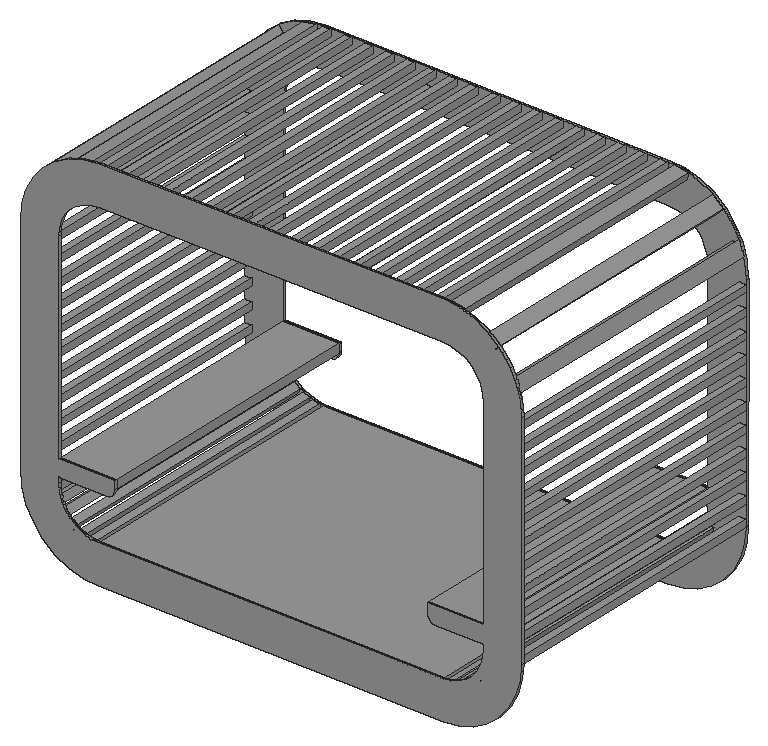
Revit family "Беседка «Атмосфера» Арт 14663", category Антураж, Revit 2018
Family settings
  На основе рабочей плоскости = Нет
  Всегда вертикально = Да
  При загрузке вырезать с полостями = Нет
  Источник визуального образа = Геометрия семейства
  Общий = Нет
  Точка расчета площади = Нет
Parameters (values of type "Беседка «Атмосфера». Версия без поликарбоната")
  Ширина = if(Без поликарбоната, 2020 mm, 2400 mm)  # 2020 mm
  Цвет поликарбоната = Поликарбонат
  Цвет отделки = Дерево
  Цвет каркаса = Сталь
  С поликарбонатом = not(Без поликарбоната)  # no
  Описание = if(Без поликарбоната, "Беседка «Атмосфера». Версия без поликарбоната", "Беседка «Атмосфера». Версия с монолитным поликарбонатом")  # "Беседка «Атмосфера». Версия без поликарбоната"
  Материал изделия = "Сталь, дерево, поликарбонат"  # constant formula
  Изображение типоразмера = Беседка «Атмосфера» Арт 14663 без поликарбоната.jpg
  Изготовитель = "ООО «Хоббика»"  # constant formula
  Длина = 3580 mm  # constant formula
  Группа модели = "Навесы и беседки"  # constant formula
  Высота = if(Без поликарбоната, 2700 mm, 2400 mm)  # 2700 mm
  Без поликарбоната = yes
  Артикул товара = "Арт. 14663"  # constant formula
  URL = "https://hobbyka.ru/product/besedka_atmosfera/"
Types (3, lengths in mm): name | Ширина | С поликарбонатом | Описание | Изображение типоразмера | Высота | Без поликарбоната
  (no name) | 2020 | no | "Беседка «Атмосфера». Версия без поликарбоната" | Беседка «Атмосфера» Арт 14663 без поликарбоната.jpg | 2700 | yes
  Беседка «Атмосфера». Версия без поликарбоната | 2020 | no | "Беседка «Атмосфера». Версия без поликарбоната" | Беседка «Атмосфера» Арт 14663 без поликарбоната.jpg | 2700 | yes
  Беседка «Атмосфера». Версия с монолитным поликарбонатом | 2400 | yes | "Беседка «Атмосфера». Версия с монолитным поликарбонатом" | Беседка «Атмосфера» Арт 14663 с монолитным поликарбонатом.jpg | 2400 | no
Reference planes
  plane 1 "По центру (Вперед/Назад)": y = 0
  plane 2: z = 0
  plane 3 "По центру (Влево/Вправо)": x = 0
  plane 4: y = 2020
  plane 5: x = 3580
  plane 6: z = 2700
Dimensions and locks
  "Длина": plane 3 "По центру (Влево/Вправо)" to plane 5
  "Ширина": plane 1 "По центру (Вперед/Назад)" to plane 4
  "Высота": plane 6 to level
  aligned and locked: level to plane 2
Nested families
  nested 1: "Беседка «Атмосфера» Арт 14663 с монолитным поликарбонатом" at (0, 0, 0), visible <- "С поликарбонатом", type "Беседка «Атмосфера» Арт 14663 с монолитным поликарбонатом"
  nested 2: "Беседка «Атмосфера» Арт 14663 без поликарбаната" at (0, 0, 0), visible <- "Без поликарбоната", type "Беседка «Атмосфера» Арт 14663 без поликарбаната"
Definition of nested family "Беседка «Атмосфера» Арт 14663 с монолитным поликарбонатом"
  Parameters (values of type "Беседка «Атмосфера» Арт 14663 с монолитным поликарбонатом")
    Ширина = 2400 mm  # constant formula
    Цвет поликарбоната = none
    Цвет отделки = none
    Цвет каркаса = none
    Длина = 3580 mm  # constant formula
    Height = 2400 mm  # constant formula
  Reference planes
    plane 1 "По центру (Вперед/Назад)": y = 0
    plane 2: z = 0
    plane 3 "По центру (Влево/Вправо)": x = 0
    plane 4: y = 2400
    plane 5: x = 3580
    plane 6: z = 2400
    plane 7: y = 2385
    plane 8: y = 15
  Forms (mm)
    Extrusion 1, solid, material <- "Цвет каркаса"
      sketch origin (0, 0, 0) x (1, 0, 0) y (0, 0, 1)
        loop
          line (3020, 2400) -> (560, 2400)
          arc (560, 2400) -> (164.02, 2235.98) -> (0, 1840) r 560
          line (0, 1840) -> (0, 560)
          arc (0, 560) -> (164.02, 164.02) -> (560, 0) r 560
          line (560, 0) -> (3020, 0)
          arc (3020, 0) -> (3415.98, 164.02) -> (3580, 560) r 560
          line (3580, 560) -> (3580, 1840)
          arc (3580, 1840) -> (3415.98, 2235.98) -> (3020, 2400) r 560
        loop
          line (3020, 2125) -> (560, 2125)
          arc (560, 2125) -> (358.475, 2041.525) -> (275, 1840) r 285
          line (275, 1840) -> (275, 715) -> (675, 715) -> (675, 655)
          arc (675, 655) -> (658.431, 615) -> (618.431, 598.431) r 56.569
          line (618.431, 598.431) -> (275, 598.431) -> (275, 560)
          arc (275, 560) -> (358.475, 358.475) -> (560, 275) r 285
          line (560, 275) -> (3020, 275)
          arc (3020, 275) -> (3221.525, 358.475) -> (3305, 560) r 285
          line (3305, 560) -> (3305, 598.431) -> (2961.569, 598.431)
          arc (2961.569, 598.431) -> (2921.569, 615) -> (2905, 655) r 56.569
          line (2905, 655) -> (2905, 715) -> (3305, 715) -> (3305, 1840)
          arc (3305, 1840) -> (3221.525, 2041.525) -> (3020, 2125) r 285
      from 0 to -15
    Extrusion 2, solid, material <- "Цвет каркаса"
      sketch origin (0, 0, 0) x (1, 0, 0) y (0, 0, 1)
        loop
          line (3020, 2400) -> (560, 2400)
          arc (560, 2400) -> (164.02, 2235.98) -> (0, 1840) r 560
          line (0, 1840) -> (0, 560)
          arc (0, 560) -> (164.02, 164.02) -> (560, 0) r 560
          line (560, 0) -> (3020, 0)
          arc (3020, 0) -> (3415.98, 164.02) -> (3580, 560) r 560
          line (3580, 560) -> (3580, 1840)
          arc (3580, 1840) -> (3415.98, 2235.98) -> (3020, 2400) r 560
        loop
          line (3020, 2125) -> (560, 2125)
          arc (560, 2125) -> (358.475, 2041.525) -> (275, 1840) r 285
          line (275, 1840) -> (275, 715) -> (675, 715) -> (675, 655)
          arc (675, 655) -> (658.431, 615) -> (618.431, 598.431) r 56.569
          line (618.431, 598.431) -> (275, 598.431) -> (275, 560)
          arc (275, 560) -> (358.475, 358.475) -> (560, 275) r 285
          line (560, 275) -> (3020, 275)
          arc (3020, 275) -> (3221.525, 358.475) -> (3305, 560) r 285
          line (3305, 560) -> (3305, 598.431) -> (2961.569, 598.431)
          arc (2961.569, 598.431) -> (2921.569, 615) -> (2905, 655) r 56.569
          line (2905, 655) -> (2905, 715) -> (3305, 715) -> (3305, 1840)
          arc (3305, 1840) -> (3221.525, 2041.525) -> (3020, 2125) r 285
      from -2385 to -2400
    Extrusion 3, solid, material <- "Цвет каркаса"
      sketch origin (0, 0, 0) x (1, 0, 0) y (0, 0, 1)
        loop
          line (50, 1010) -> (50, 1060) -> (0, 1060) -> (0, 1010) -> (50, 1010)
        loop
          line (50, 1610) -> (50, 1660) -> (0, 1660) -> (0, 1610) -> (50, 1610)
        loop
          line (3530, 1660) -> (3530, 1610) -> (3580, 1610) -> (3580, 1660) -> (3530, 1660)
        loop
          line (3530, 1060) -> (3530, 1010) -> (3580, 1010) -> (3580, 1060) -> (3530, 1060)
        loop
          line (1285, 2287.5) -> (1285, 2237.5) -> (1335, 2237.5) -> (1335, 2287.5) -> (1285, 2287.5)
        loop
          line (2295, 2287.5) -> (2245, 2287.5) -> (2245, 2237.5) -> (2295, 2237.5) -> (2295, 2287.5)
      from -15 to -2385
    Extrusion 4, solid, material <- "Цвет отделки"
      sketch origin (-0.013, 0, 0.012) x (1, 0, 0) y (0, 0, 1)
        loop
          line (560.026, 274.988) -> (560.026, 225.058) -> (3020, 225.058) -> (3020, 274.988) -> (560.026, 274.988)
        loop
          line (275, 715) -> (275, 655) -> (675, 655) -> (675, 715) -> (275, 715)
        loop
          line (3305, 715) -> (2905, 715) -> (2905, 655) -> (3305, 655) -> (3305, 715)
        loop
          arc (535.798, 276.02) -> (510.779, 279.275) -> (486.146, 284.729) r 285.019
          line (486.146, 284.729) -> (473.207, 236.499)
          arc (473.207, 236.499) -> (502.156, 230.093) -> (531.558, 226.269) r 335.121
          line (531.558, 226.269) -> (535.798, 276.02)
        loop
          arc (463.039, 291.997) -> (439.719, 301.624) -> (417.341, 313.275) r 285.019
          line (417.341, 313.275) -> (392.337, 270.03)
          arc (392.337, 270.03) -> (418.639, 256.344) -> (446.048, 245.036) r 335.121
          line (446.048, 245.036) -> (463.039, 291.997)
        loop
          arc (396.906, 326.281) -> (376.877, 341.621) -> (358.283, 358.672) r 285.019
          line (358.283, 358.672) -> (322.908, 323.365)
          arc (322.908, 323.365) -> (344.769, 303.332) -> (368.315, 285.31) r 335.121
          line (368.315, 285.31) -> (396.906, 326.281)
        loop
          arc (341.916, 376.53) -> (326.546, 396.535) -> (313.006, 417.822) r 285.019
          line (313.006, 417.822) -> (269.658, 392.869)
          arc (269.658, 392.869) -> (285.586, 367.855) -> (303.662, 344.347) r 335.121
          line (303.662, 344.347) -> (341.916, 376.53)
        loop
          arc (301.825, 439.309) -> (292.163, 462.614) -> (284.601, 486.682) r 285.019
          line (284.601, 486.682) -> (236.228, 473.804)
          arc (236.228, 473.804) -> (245.132, 445.514) -> (256.503, 418.123) r 335.121
          line (256.503, 418.123) -> (301.825, 439.309)
        loop
          arc (279.369, 510.333) -> (276.076, 535.345) -> (275.008, 560.551) r 285.019
          line (275.008, 560.551) -> (224.905, 560.179)
          arc (224.905, 560.179) -> (226.197, 530.779) -> (230.064, 501.607) r 335.121
          line (230.064, 501.607) -> (279.369, 510.333)
        loop
          line (3044.228, 276.02) -> (3048.468, 226.269)
          arc (3048.468, 226.269) -> (3077.87, 230.093) -> (3106.819, 236.499) r 335.121
          line (3106.819, 236.499) -> (3093.879, 284.729)
          arc (3093.879, 284.729) -> (3069.247, 279.275) -> (3044.228, 276.02) r 285.019
        loop
          line (3116.987, 291.997) -> (3133.977, 245.036)
          arc (3133.977, 245.036) -> (3161.387, 256.344) -> (3187.689, 270.03) r 335.121
          line (3187.689, 270.03) -> (3162.685, 313.275)
          arc (3162.685, 313.275) -> (3140.307, 301.624) -> (3116.987, 291.997) r 285.019
        loop
          line (3183.12, 326.281) -> (3211.711, 285.31)
          arc (3211.711, 285.31) -> (3235.257, 303.332) -> (3257.118, 323.365) r 335.121
          line (3257.118, 323.365) -> (3221.743, 358.672)
          arc (3221.743, 358.672) -> (3203.149, 341.621) -> (3183.12, 326.281) r 285.019
        loop
          line (3238.11, 376.53) -> (3276.364, 344.347)
          arc (3276.364, 344.347) -> (3294.44, 367.855) -> (3310.368, 392.869) r 335.121
          line (3310.368, 392.869) -> (3267.02, 417.822)
          arc (3267.02, 417.822) -> (3253.48, 396.535) -> (3238.11, 376.53) r 285.019
        loop
          line (3278.201, 439.309) -> (3323.523, 418.123)
          arc (3323.523, 418.123) -> (3334.893, 445.514) -> (3343.798, 473.804) r 335.121
          line (3343.798, 473.804) -> (3295.425, 486.682)
          arc (3295.425, 486.682) -> (3287.862, 462.614) -> (3278.201, 439.309) r 285.019
        loop
          line (3300.657, 510.333) -> (3349.962, 501.607)
          arc (3349.962, 501.607) -> (3353.829, 530.779) -> (3355.121, 560.179) r 335.121
          line (3355.121, 560.179) -> (3305.018, 560.551)
          arc (3305.018, 560.551) -> (3303.95, 535.345) -> (3300.657, 510.333) r 285.019
        loop
          arc (3063.335, 2347.098) -> (3108.104, 2341.275) -> (3152.184, 2331.515) r 510.019
          line (3152.184, 2331.515) -> (3165.124, 2379.745)
          arc (3165.124, 2379.745) -> (3116.728, 2390.457) -> (3067.575, 2396.848) r 560.121
          line (3067.575, 2396.848) -> (3063.335, 2347.098)
        loop
          arc (3311.879, 2257.165) -> (3347.721, 2229.715) -> (3380.995, 2199.203) r 510.019
          line (3380.995, 2199.203) -> (3416.371, 2234.51)
          arc (3416.371, 2234.51) -> (3379.829, 2268.004) -> (3340.47, 2298.136) r 560.121
          line (3340.47, 2298.136) -> (3311.879, 2257.165)
        loop
          arc (3482.029, 2054.905) -> (3499.318, 2013.202) -> (3512.852, 1970.133) r 510.019
          line (3512.852, 1970.133) -> (3561.225, 1983.011)
          arc (3561.225, 1983.011) -> (3546.349, 2030.302) -> (3527.351, 2076.092) r 560.121
          line (3527.351, 2076.092) -> (3482.029, 2054.905)
        loop
          line (516.665, 2347.098) -> (512.425, 2396.848)
          arc (512.425, 2396.848) -> (463.272, 2390.457) -> (414.876, 2379.745) r 560.121
          line (414.876, 2379.745) -> (427.816, 2331.515)
          arc (427.816, 2331.515) -> (471.896, 2341.275) -> (516.665, 2347.098) r 510.019
        loop
          line (268.121, 2257.165) -> (239.53, 2298.136)
          arc (239.53, 2298.136) -> (200.171, 2268.004) -> (163.629, 2234.51) r 560.121
          line (163.629, 2234.51) -> (199.005, 2199.203)
          arc (199.005, 2199.203) -> (232.279, 2229.715) -> (268.121, 2257.165) r 510.019
        loop
          line (97.971, 2054.905) -> (52.649, 2076.092)
          arc (52.649, 2076.092) -> (33.651, 2030.302) -> (18.775, 1983.011) r 560.121
          line (18.775, 1983.011) -> (67.148, 1970.133)
          arc (67.148, 1970.133) -> (80.682, 2013.202) -> (97.971, 2054.905) r 510.019
        loop
          line (50.013, 559.988) -> (50.013, 609.988) -> (0.013, 609.988) -> (0.013, 559.988) -> (50.013, 559.988)
        loop
          line (50.013, 709.988) -> (50.013, 759.988) -> (0.013, 759.988) -> (0.013, 709.988) -> (50.013, 709.988)
        loop
          line (50.013, 859.988) -> (50.013, 909.988) -> (0.013, 909.988) -> (0.013, 859.988) -> (50.013, 859.988)
        loop
          line (3580.013, 859.988) -> (3580.013, 909.988) -> (3530.013, 909.988) -> (3530.013, 859.988) -> (3580.013, 859.988)
        loop
          line (3580.013, 709.988) -> (3580.013, 759.988) -> (3530.013, 759.988) -> (3530.013, 709.988) -> (3580.013, 709.988)
        loop
          line (3580.013, 559.988) -> (3580.013, 609.988) -> (3530.013, 609.988) -> (3530.013, 559.988) -> (3580.013, 559.988)
        loop
          line (50.013, 1159.988) -> (50.013, 1209.988) -> (0.013, 1209.988) -> (0.013, 1159.988) -> (50.013, 1159.988)
        loop
          line (50.013, 1459.988) -> (50.013, 1509.988) -> (0.013, 1509.988) -> (0.013, 1459.988) -> (50.013, 1459.988)
        loop
          line (50.013, 1309.988) -> (50.013, 1359.988) -> (0.013, 1359.988) -> (0.013, 1309.988) -> (50.013, 1309.988)
        loop
          line (50.013, 1759.988) -> (50.013, 1809.988) -> (0.013, 1809.988) -> (0.013, 1759.988) -> (50.013, 1759.988)
        loop
          line (3580.013, 1159.988) -> (3580.013, 1209.988) -> (3530.013, 1209.988) -> (3530.013, 1159.988) -> (3580.013, 1159.988)
        loop
          line (3580.013, 1459.988) -> (3580.013, 1509.988) -> (3530.013, 1509.988) -> (3530.013, 1459.988) -> (3580.013, 1459.988)
        loop
          line (3580.013, 1309.988) -> (3580.013, 1359.988) -> (3530.013, 1359.988) -> (3530.013, 1309.988) -> (3580.013, 1309.988)
        loop
          line (3580.013, 1759.988) -> (3580.013, 1809.988) -> (3530.013, 1809.988) -> (3530.013, 1759.988) -> (3580.013, 1759.988)
      from -15 to -2385
    Extrusion 5, solid, material <- "Цвет поликарбоната"
      sketch origin (0, 0, 0) x (1, 0, 0) y (0, 0, 1)
        loop
          line (516.652, 2347.11) -> (3063.322, 2347.11) -> (3063.322, 2357.11) -> (516.652, 2357.11) -> (516.652, 2347.11)
      from -15 to -2385
  Dimensions and locks
    "Длина": plane 3 "По центру (Влево/Вправо)" to plane 5
    "Ширина": plane 4 to plane 1 "По центру (Вперед/Назад)"
    "Height": plane 6 to level
    locked: plane 4 to plane 7 at 15
    locked: plane 8 to plane 1 "По центру (Вперед/Назад)" at 15
    locked: Extrusion 1 sketch curve to Extrusion 1 sketch curve at 275
    locked: Extrusion 2 sketch curve to Extrusion 2 sketch curve at 275
    aligned and locked: level to plane 2
    aligned and locked: plane 8 to Extrusion 1
    aligned and locked: plane 4 to Extrusion 2
    aligned and locked: Extrusion 2 to plane 7
    aligned and locked: Extrusion 3 to Extrusion 2
    aligned and locked: Extrusion 3 to Extrusion 1
    aligned and locked: Extrusion 4 to Extrusion 2
    aligned and locked: Extrusion 1 to Extrusion 5
    aligned and locked: Extrusion 5 to Extrusion 2
  Automatic sketch dimensions
    Extrusion 1 sketch curve to Extrusion 1 sketch curve = 0 mm  (x9)
    Extrusion 1 sketch curve to plane 3 "По центру (Влево/Вправо)" = 0 mm
    Extrusion 1 sketch curve to plane 6 = 0 mm
    Extrusion 1 sketch curve to level = 0 mm
    Extrusion 1 sketch curve to plane 5 = 0 mm
    Extrusion 1 sketch curve to Extrusion 1 sketch curve = 285 mm  (x2)
    plane 3 "По центру (Влево/Вправо)" to Extrusion 1 sketch curve = 560 mm
    Extrusion 1 sketch curve to Extrusion 1 sketch curve = 58.431 mm  (x2)
    Extrusion 1 sketch curve to Extrusion 1 sketch curve = 56.569 mm  (x2)
    Extrusion 1 sketch curve to Extrusion 1 sketch curve = 400 mm
    Extrusion 1 sketch curve to Extrusion 1 sketch curve = 38.431 mm  (x2)
    Extrusion 1 sketch curve to Extrusion 1 sketch curve = 116.569 mm
    Extrusion 1 sketch curve to Extrusion 1 sketch curve = 60 mm
    Extrusion 2 sketch curve to Extrusion 2 sketch curve = 0 mm  (x9)
    Extrusion 2 sketch curve to plane 3 "По центру (Влево/Вправо)" = 0 mm
    Extrusion 2 sketch curve to plane 6 = 0 mm
    Extrusion 2 sketch curve to level = 0 mm
    Extrusion 2 sketch curve to plane 5 = 0 mm
    Extrusion 2 sketch curve to Extrusion 2 sketch curve = 285 mm  (x2)
    plane 3 "По центру (Влево/Вправо)" to Extrusion 2 sketch curve = 560 mm
    Extrusion 2 sketch curve to Extrusion 2 sketch curve = 58.431 mm  (x2)
    Extrusion 2 sketch curve to Extrusion 2 sketch curve = 56.569 mm  (x2)
    Extrusion 2 sketch curve to Extrusion 2 sketch curve = 400 mm
    Extrusion 2 sketch curve to Extrusion 2 sketch curve = 38.431 mm  (x2)
    Extrusion 2 sketch curve to Extrusion 2 sketch curve = 116.569 mm
    Extrusion 2 sketch curve to Extrusion 2 sketch curve = 60 mm
    Extrusion 3 sketch curve to plane 3 "По центру (Влево/Вправо)" = 0 mm  (x2)
    Extrusion 3 sketch curve to plane 5 = 0 mm  (x2)
    plane 3 "По центру (Влево/Вправо)" to Extrusion 3 sketch curve = 50 mm  (x2)
    Extrusion 3 sketch curve to plane 6 = 112.5 mm
    plane 3 "По центру (Влево/Вправо)" to Extrusion 3 sketch curve = 1285 mm
    Extrusion 3 sketch curve to Extrusion 3 sketch curve = 50 mm  (x9)
    Extrusion 3 sketch curve to plane 6 = 162.5 mm
    Extrusion 3 sketch curve to Extrusion 3 sketch curve = 910 mm
    Extrusion 3 sketch curve to plane 5 = 50 mm
    Extrusion 3 sketch curve to plane 6 = 740 mm  (x2)
    Extrusion 3 sketch curve to Extrusion 3 sketch curve = 550 mm  (x2)
    Extrusion 4 sketch curve to Extrusion 4 sketch curve = 0 mm  (x149)
    Extrusion 4 sketch curve to plane 3 "По центру (Влево/Вправо)" = 0 mm  (x7)
    Extrusion 4 sketch curve to plane 5 = 0 mm  (x7)
    plane 3 "По центру (Влево/Вправо)" to Extrusion 4 sketch curve = 18.762 mm
    plane 3 "По центру (Влево/Вправо)" to Extrusion 4 sketch curve = 50 mm  (x6)
    Extrusion 4 sketch curve to Extrusion 4 sketch curve = 50 mm  (x22)
    plane 3 "По центру (Влево/Вправо)" to Extrusion 4 sketch curve = 52.637 mm
    Extrusion 4 sketch curve to Extrusion 4 sketch curve = 48.373 mm  (x2)
    Extrusion 4 sketch curve to Extrusion 4 sketch curve = 45.321 mm  (x3)
    plane 3 "По центру (Влево/Вправо)" to Extrusion 4 sketch curve = 163.616 mm
    Extrusion 4 sketch curve to Extrusion 4 sketch curve = 35.376 mm  (x3)
    Extrusion 4 sketch curve to Extrusion 4 sketch curve = 174.892 mm
    Extrusion 4 sketch curve to Extrusion 4 sketch curve = 5.158 mm
    Extrusion 4 sketch curve to Extrusion 4 sketch curve = 6.164 mm  (x2)
    Extrusion 4 sketch curve to plane 6 = 101.852 mm  (x2)
    Extrusion 4 sketch curve to Extrusion 4 sketch curve = 75.901 mm
    Extrusion 4 sketch curve to Extrusion 4 sketch curve = 20.276 mm
    Extrusion 4 sketch curve to plane 6 = 142.823 mm
    Extrusion 4 sketch curve to Extrusion 4 sketch curve = 28.591 mm  (x3)
    Extrusion 4 sketch curve to Extrusion 4 sketch curve = 13.155 mm  (x2)
    Extrusion 4 sketch curve to Extrusion 4 sketch curve = 50.095 mm
    Extrusion 4 sketch curve to Extrusion 4 sketch curve = 50.103 mm  (x2)
    Extrusion 4 sketch curve to Extrusion 4 sketch curve = 49.306 mm
    Extrusion 4 sketch curve to Extrusion 4 sketch curve = 5.231 mm  (x2)
    Extrusion 4 sketch curve to Extrusion 4 sketch curve = 34.004 mm
    Extrusion 4 sketch curve to Extrusion 4 sketch curve = 11.181 mm  (x2)
    Extrusion 4 sketch curve to Extrusion 4 sketch curve = 19.245 mm  (x2)
    Extrusion 4 sketch curve to Extrusion 4 sketch curve = 38.254 mm
    Extrusion 4 sketch curve to Extrusion 4 sketch curve = 16.367 mm  (x2)
    Extrusion 4 sketch curve to Extrusion 4 sketch curve = 45.408 mm
    Extrusion 4 sketch curve to Extrusion 4 sketch curve = 24.021 mm  (x2)
    Extrusion 4 sketch curve to plane 6 = 20.243 mm  (x2)
    Extrusion 4 sketch curve to Extrusion 4 sketch curve = 146.756 mm
    Extrusion 4 sketch curve to Extrusion 4 sketch curve = 20.435 mm  (x2)
    Extrusion 4 sketch curve to plane 6 = 68.473 mm  (x2)
    Extrusion 4 sketch curve to Extrusion 4 sketch curve = 12.94 mm  (x3)
    Extrusion 4 sketch curve to Extrusion 4 sketch curve = 53.712 mm
    Extrusion 4 sketch curve to Extrusion 4 sketch curve = 16.99 mm
    level to Extrusion 4 sketch curve = 236.512 mm  (x2)
    Extrusion 4 sketch curve to Extrusion 4 sketch curve = 27.158 mm  (x2)
    Extrusion 4 sketch curve to Extrusion 4 sketch curve = 23.108 mm  (x2)
    Extrusion 4 sketch curve to plane 6 = 3.14 mm  (x2)
    Extrusion 4 sketch curve to Extrusion 4 sketch curve = 97.549 mm
    Extrusion 4 sketch curve to plane 6 = 52.89 mm  (x2)
    Extrusion 4 sketch curve to Extrusion 4 sketch curve = 4.24 mm  (x3)
    level to Extrusion 4 sketch curve = 226.282 mm  (x2)
    Extrusion 4 sketch curve to Extrusion 4 sketch curve = 58.351 mm
    Extrusion 4 sketch curve to Extrusion 4 sketch curve = 492.852 mm
    Extrusion 4 sketch curve to Extrusion 4 sketch curve = 285.018 mm
    Extrusion 4 sketch curve to Extrusion 4 sketch curve = 24.228 mm  (x2)
    Extrusion 4 sketch curve to Extrusion 4 sketch curve = 114.974 mm
    Extrusion 4 sketch curve to plane 5 = 675.013 mm
    Extrusion 4 sketch curve to plane 5 = 560.013 mm
    Extrusion 4 sketch curve to Extrusion 4 sketch curve = 115 mm
    level to Extrusion 4 sketch curve = 276.032 mm
    Extrusion 4 sketch curve to Extrusion 4 sketch curve = 28.468 mm
    Extrusion 4 sketch curve to Extrusion 4 sketch curve = 43.335 mm
    level to Extrusion 4 sketch curve = 284.742 mm
    Extrusion 4 sketch curve to Extrusion 4 sketch curve = 49.651 mm
    Extrusion 4 sketch curve to Extrusion 4 sketch curve = 88.849 mm
    Extrusion 4 sketch curve to Extrusion 4 sketch curve = 45.698 mm
    Extrusion 4 sketch curve to Extrusion 4 sketch curve = 25.004 mm
    Extrusion 4 sketch curve to Extrusion 4 sketch curve = 38.623 mm
    Extrusion 4 sketch curve to Extrusion 4 sketch curve = 28.911 mm
    Extrusion 4 sketch curve to Extrusion 4 sketch curve = 17.224 mm
    Extrusion 4 sketch curve to Extrusion 4 sketch curve = 4.343 mm
    Extrusion 4 sketch curve to Extrusion 4 sketch curve = 4.361 mm
    Extrusion 4 sketch curve to Extrusion 4 sketch curve = 43.347 mm
    Extrusion 4 sketch curve to Extrusion 4 sketch curve = 159.695 mm
    Extrusion 4 sketch curve to Extrusion 4 sketch curve = 69.116 mm
    Extrusion 4 sketch curve to plane 5 = 97.984 mm
    Extrusion 4 sketch curve to plane 5 = 67.161 mm
    Extrusion 4 sketch curve to plane 5 = 18.788 mm
    Extrusion 4 sketch curve to Extrusion 4 sketch curve = 1.211 mm
    Extrusion 4 sketch curve to Extrusion 4 sketch curve = 8.536 mm  (x2)
    Extrusion 4 sketch curve to Extrusion 4 sketch curve = 49.93 mm
    Extrusion 4 sketch curve to Extrusion 4 sketch curve = 1.032 mm
    Extrusion 4 sketch curve to Extrusion 4 sketch curve = 48.23 mm
    Extrusion 4 sketch curve to Extrusion 4 sketch curve = 15.28 mm  (x2)
    Extrusion 4 sketch curve to Extrusion 4 sketch curve = 7.268 mm  (x2)
    Extrusion 4 sketch curve to Extrusion 4 sketch curve = 13.007 mm  (x2)
    Extrusion 4 sketch curve to Extrusion 4 sketch curve = 20.982 mm  (x2)
    Extrusion 4 sketch curve to Extrusion 4 sketch curve = 17.857 mm  (x2)
    Extrusion 4 sketch curve to Extrusion 4 sketch curve = 25.253 mm  (x2)
    Extrusion 4 sketch curve to Extrusion 4 sketch curve = 21.488 mm  (x2)
    Extrusion 4 sketch curve to Extrusion 4 sketch curve = 23.651 mm  (x2)
    Extrusion 4 sketch curve to Extrusion 4 sketch curve = 0.191 mm  (x2)
    Extrusion 4 sketch curve to Extrusion 4 sketch curve = 94.821 mm  (x2)
    Extrusion 4 sketch curve to Extrusion 4 sketch curve = 100 mm  (x8)
    Extrusion 4 sketch curve to Extrusion 4 sketch curve = 60 mm  (x2)
    Extrusion 4 sketch curve to Extrusion 4 sketch curve = 250 mm  (x4)
    Extrusion 4 sketch curve to Extrusion 4 sketch curve = 160.145 mm  (x2)
    Extrusion 4 sketch curve to Extrusion 4 sketch curve = 12.878 mm  (x2)
    Extrusion 4 sketch curve to Extrusion 4 sketch curve = 35.307 mm
    Extrusion 5 sketch curve to plane 6 = 42.89 mm
    plane 3 "По центру (Влево/Вправо)" to Extrusion 5 sketch curve = 516.652 mm
    Extrusion 5 sketch curve to plane 5 = 516.678 mm
    Extrusion 5 sketch curve to Extrusion 5 sketch curve = 10 mm
Definition of nested family "Беседка «Атмосфера» Арт 14663 без поликарбаната"
  Parameters (values of type "Беседка «Атмосфера» Арт 14663 без поликарбаната")
    Ширина = 2020 mm  # constant formula
    Цвет отделки = none
    Цвет каркаса = none
    Длина = 3580 mm  # constant formula
    Height = 2700 mm  # constant formula
  Reference planes
    plane 1 "По центру (Вперед/Назад)": y = 0
    plane 2: z = 0
    plane 3 "По центру (Влево/Вправо)": x = 0
    plane 4: y = 2020
    plane 5: x = 3580
    plane 6: z = 2700
    plane 7: y = 2005
    plane 8: y = 15
  Forms (mm)
    Extrusion 1, solid, material <- "Цвет каркаса"
      sketch origin (0, 0, 0) x (1, 0, 0) y (0, 0, 1)
        loop
          line (3020, 2700) -> (560, 2700)
          arc (560, 2700) -> (164.02, 2535.98) -> (0, 2140) r 560
          line (0, 2140) -> (0, 560)
          arc (0, 560) -> (164.02, 164.02) -> (560, 0) r 560
          line (560, 0) -> (3020, 0)
          arc (3020, 0) -> (3415.98, 164.02) -> (3580, 560) r 560
          line (3580, 560) -> (3580, 2140)
          arc (3580, 2140) -> (3415.98, 2535.98) -> (3020, 2700) r 560
        loop
          line (3020, 2425) -> (560, 2425)
          arc (560, 2425) -> (358.475, 2341.525) -> (275, 2140) r 285
          line (275, 2140) -> (275, 715) -> (675, 715) -> (675, 655)
          arc (675, 655) -> (658.431, 615) -> (618.431, 598.431) r 56.569
          line (618.431, 598.431) -> (275, 598.431) -> (275, 560)
          arc (275, 560) -> (358.475, 358.475) -> (560, 275) r 285
          line (560, 275) -> (3020, 275)
          arc (3020, 275) -> (3221.525, 358.475) -> (3305, 560) r 285
          line (3305, 560) -> (3305, 598.431) -> (2961.569, 598.431)
          arc (2961.569, 598.431) -> (2921.569, 615) -> (2905, 655) r 56.569
          line (2905, 655) -> (2905, 715) -> (3305, 715) -> (3305, 2140)
          arc (3305, 2140) -> (3221.525, 2341.525) -> (3020, 2425) r 285
      from 0 to -15
    Extrusion 2, solid, material <- "Цвет каркаса"
      sketch origin (0, 0, 0) x (1, 0, 0) y (0, 0, 1)
        loop
          line (3020, 2700) -> (560, 2700)
          arc (560, 2700) -> (164.02, 2535.98) -> (0, 2140) r 560
          line (0, 2140) -> (0, 560)
          arc (0, 560) -> (164.02, 164.02) -> (560, 0) r 560
          line (560, 0) -> (3020, 0)
          arc (3020, 0) -> (3415.98, 164.02) -> (3580, 560) r 560
          line (3580, 560) -> (3580, 2140)
          arc (3580, 2140) -> (3415.98, 2535.98) -> (3020, 2700) r 560
        loop
          line (3020, 2425) -> (560, 2425)
          arc (560, 2425) -> (358.475, 2341.525) -> (275, 2140) r 285
          line (275, 2140) -> (275, 715) -> (675, 715) -> (675, 655)
          arc (675, 655) -> (658.431, 615) -> (618.431, 598.431) r 56.569
          line (618.431, 598.431) -> (275, 598.431) -> (275, 560)
          arc (275, 560) -> (358.475, 358.475) -> (560, 275) r 285
          line (560, 275) -> (3020, 275)
          arc (3020, 275) -> (3221.525, 358.475) -> (3305, 560) r 285
          line (3305, 560) -> (3305, 598.431) -> (2961.569, 598.431)
          arc (2961.569, 598.431) -> (2921.569, 615) -> (2905, 655) r 56.569
          line (2905, 655) -> (2905, 715) -> (3305, 715) -> (3305, 2140)
          arc (3305, 2140) -> (3221.525, 2341.525) -> (3020, 2425) r 285
      from -2005 to -2020
    Extrusion 3, solid, material <- "Цвет отделки"
      sketch origin (0, 0, 0) x (1, 0, 0) y (0, 0, 1)
        loop
          line (560.026, 274.988) -> (560.026, 225.058) -> (3020, 225.058) -> (3020, 274.988) -> (560.026, 274.988)
        loop
          line (275, 715) -> (275, 655) -> (675, 655) -> (675, 715) -> (275, 715)
        loop
          line (3305, 715) -> (2905, 715) -> (2905, 655) -> (3305, 655) -> (3305, 715)
        loop
          arc (535.798, 276.02) -> (510.779, 279.275) -> (486.146, 284.729) r 285.019
          line (486.146, 284.729) -> (473.207, 236.499)
          arc (473.207, 236.499) -> (502.156, 230.093) -> (531.558, 226.269) r 335.121
          line (531.558, 226.269) -> (535.798, 276.02)
        loop
          arc (463.039, 291.997) -> (439.719, 301.624) -> (417.341, 313.275) r 285.019
          line (417.341, 313.275) -> (392.337, 270.03)
          arc (392.337, 270.03) -> (418.639, 256.344) -> (446.048, 245.036) r 335.121
          line (446.048, 245.036) -> (463.039, 291.997)
        loop
          arc (396.906, 326.281) -> (376.877, 341.621) -> (358.283, 358.672) r 285.019
          line (358.283, 358.672) -> (322.908, 323.365)
          arc (322.908, 323.365) -> (344.769, 303.332) -> (368.315, 285.31) r 335.121
          line (368.315, 285.31) -> (396.906, 326.281)
        loop
          arc (341.916, 376.53) -> (326.546, 396.535) -> (313.006, 417.822) r 285.019
          line (313.006, 417.822) -> (269.658, 392.869)
          arc (269.658, 392.869) -> (285.586, 367.855) -> (303.662, 344.347) r 335.121
          line (303.662, 344.347) -> (341.916, 376.53)
        loop
          arc (301.825, 439.309) -> (292.163, 462.614) -> (284.601, 486.682) r 285.019
          line (284.601, 486.682) -> (236.228, 473.804)
          arc (236.228, 473.804) -> (245.132, 445.514) -> (256.503, 418.123) r 335.121
          line (256.503, 418.123) -> (301.825, 439.309)
        loop
          arc (279.369, 510.333) -> (276.076, 535.345) -> (275.008, 560.551) r 285.019
          line (275.008, 560.551) -> (224.905, 560.179)
          arc (224.905, 560.179) -> (226.197, 530.779) -> (230.064, 501.607) r 335.121
          line (230.064, 501.607) -> (279.369, 510.333)
        loop
          line (3044.228, 276.02) -> (3048.468, 226.269)
          arc (3048.468, 226.269) -> (3077.87, 230.093) -> (3106.819, 236.499) r 335.121
          line (3106.819, 236.499) -> (3093.879, 284.729)
          arc (3093.879, 284.729) -> (3069.247, 279.275) -> (3044.228, 276.02) r 285.019
        loop
          line (3116.987, 291.997) -> (3133.977, 245.036)
          arc (3133.977, 245.036) -> (3161.387, 256.344) -> (3187.689, 270.03) r 335.121
          line (3187.689, 270.03) -> (3162.685, 313.275)
          arc (3162.685, 313.275) -> (3140.307, 301.624) -> (3116.987, 291.997) r 285.019
        loop
          line (3183.12, 326.281) -> (3211.711, 285.31)
          arc (3211.711, 285.31) -> (3235.257, 303.332) -> (3257.118, 323.365) r 335.121
          line (3257.118, 323.365) -> (3221.743, 358.672)
          arc (3221.743, 358.672) -> (3203.149, 341.621) -> (3183.12, 326.281) r 285.019
        loop
          line (3238.11, 376.53) -> (3276.364, 344.347)
          arc (3276.364, 344.347) -> (3294.44, 367.855) -> (3310.368, 392.869) r 335.121
          line (3310.368, 392.869) -> (3267.02, 417.822)
          arc (3267.02, 417.822) -> (3253.48, 396.535) -> (3238.11, 376.53) r 285.019
        loop
          line (3278.201, 439.309) -> (3323.523, 418.123)
          arc (3323.523, 418.123) -> (3334.893, 445.514) -> (3343.798, 473.804) r 335.121
          line (3343.798, 473.804) -> (3295.425, 486.682)
          arc (3295.425, 486.682) -> (3287.862, 462.614) -> (3278.201, 439.309) r 285.019
        loop
          line (3300.657, 510.333) -> (3349.962, 501.607)
          arc (3349.962, 501.607) -> (3353.829, 530.779) -> (3355.121, 560.179) r 335.121
          line (3355.121, 560.179) -> (3305.018, 560.551)
          arc (3305.018, 560.551) -> (3303.95, 535.345) -> (3300.657, 510.333) r 285.019
        loop
          line (3580, 560) -> (3580, 610) -> (3530, 610) -> (3530, 560) -> (3580, 560)
        loop
          line (3580, 710) -> (3580, 760) -> (3530, 760) -> (3530, 710) -> (3580, 710)
        loop
          line (3580, 860) -> (3580, 910) -> (3530, 910) -> (3530, 860) -> (3580, 860)
        loop
          line (3580, 1160) -> (3580, 1210) -> (3530, 1210) -> (3530, 1160) -> (3580, 1160)
        loop
          line (3580, 1310) -> (3580, 1360) -> (3530, 1360) -> (3530, 1310) -> (3580, 1310)
        loop
          line (3580, 1460) -> (3580, 1510) -> (3530, 1510) -> (3530, 1460) -> (3580, 1460)
        loop
          line (3580, 1610) -> (3580, 1660) -> (3530, 1660) -> (3530, 1610) -> (3580, 1610)
        loop
          line (3580, 1910) -> (3580, 1960) -> (3530, 1960) -> (3530, 1910) -> (3580, 1910)
        loop
          line (3580, 2060) -> (3580, 2110) -> (3530, 2110) -> (3530, 2060) -> (3580, 2060)
        loop
          line (0, 560) -> (50, 560) -> (50, 610) -> (0, 610) -> (0, 560)
        loop
          line (0, 710) -> (50, 710) -> (50, 760) -> (0, 760) -> (0, 710)
        loop
          line (0, 860) -> (50, 860) -> (50, 910) -> (0, 910) -> (0, 860)
        loop
          line (0, 1160) -> (50, 1160) -> (50, 1210) -> (0, 1210) -> (0, 1160)
        loop
          line (0, 1310) -> (50, 1310) -> (50, 1360) -> (0, 1360) -> (0, 1310)
        loop
          line (0, 1460) -> (50, 1460) -> (50, 1510) -> (0, 1510) -> (0, 1460)
        loop
          line (0, 1610) -> (50, 1610) -> (50, 1660) -> (0, 1660) -> (0, 1610)
        loop
          line (0, 1910) -> (50, 1910) -> (50, 1960) -> (0, 1960) -> (0, 1910)
        loop
          line (0, 2060) -> (50, 2060) -> (50, 2110) -> (0, 2110) -> (0, 2060)
        loop
          arc (3063.335, 2647.11) -> (3108.104, 2641.287) -> (3152.184, 2631.527) r 510.019
          line (3152.184, 2631.527) -> (3165.124, 2679.757)
          arc (3165.124, 2679.757) -> (3116.728, 2690.469) -> (3067.575, 2696.86) r 560.121
          line (3067.575, 2696.86) -> (3063.335, 2647.11)
        loop
          arc (3311.879, 2557.177) -> (3347.721, 2529.727) -> (3380.995, 2499.215) r 510.019
          line (3380.995, 2499.215) -> (3416.371, 2534.522)
          arc (3416.371, 2534.522) -> (3379.829, 2568.016) -> (3340.47, 2598.148) r 560.121
          line (3340.47, 2598.148) -> (3311.879, 2557.177)
        loop
          arc (3482.029, 2354.917) -> (3499.318, 2313.214) -> (3512.852, 2270.145) r 510.019
          line (3512.852, 2270.145) -> (3561.225, 2283.023)
          arc (3561.225, 2283.023) -> (3546.349, 2330.314) -> (3527.351, 2376.104) r 560.121
          line (3527.351, 2376.104) -> (3482.029, 2354.917)
        loop
          line (516.665, 2647.11) -> (512.425, 2696.86)
          arc (512.425, 2696.86) -> (463.272, 2690.469) -> (414.876, 2679.757) r 560.121
          line (414.876, 2679.757) -> (427.816, 2631.527)
          arc (427.816, 2631.527) -> (471.896, 2641.287) -> (516.665, 2647.11) r 510.019
        loop
          line (268.121, 2557.177) -> (239.53, 2598.148)
          arc (239.53, 2598.148) -> (200.171, 2568.016) -> (163.629, 2534.522) r 560.121
          line (163.629, 2534.522) -> (199.005, 2499.215)
          arc (199.005, 2499.215) -> (232.279, 2529.727) -> (268.121, 2557.177) r 510.019
        loop
          line (97.971, 2354.917) -> (52.649, 2376.104)
          arc (52.649, 2376.104) -> (33.651, 2330.314) -> (18.775, 2283.023) r 560.121
          line (18.775, 2283.023) -> (67.148, 2270.145)
          arc (67.148, 2270.145) -> (80.682, 2313.214) -> (97.971, 2354.917) r 510.019
        loop
          line (560, 2700) -> (560, 2650) -> (610, 2650) -> (610, 2700) -> (560, 2700)
        loop
          line (710, 2700) -> (710, 2650) -> (760, 2650) -> (760, 2700) -> (710, 2700)
        loop
          line (860, 2700) -> (860, 2650) -> (910, 2650) -> (910, 2700) -> (860, 2700)
        loop
          line (1010, 2700) -> (1010, 2650) -> (1060, 2650) -> (1060, 2700) -> (1010, 2700)
        loop
          line (1160, 2700) -> (1160, 2650) -> (1210, 2650) -> (1210, 2700) -> (1160, 2700)
        loop
          line (1310, 2700) -> (1310, 2650) -> (1360, 2650) -> (1360, 2700) -> (1310, 2700)
        loop
          line (1460, 2700) -> (1460, 2650) -> (1510, 2650) -> (1510, 2700) -> (1460, 2700)
        loop
          line (1610, 2700) -> (1610, 2650) -> (1660, 2650) -> (1660, 2700) -> (1610, 2700)
        loop
          line (1765, 2700) -> (1765, 2650) -> (1815, 2650) -> (1815, 2700) -> (1765, 2700)
        loop
          line (3020, 2700) -> (2970, 2700) -> (2970, 2650) -> (3020, 2650) -> (3020, 2700)
        loop
          line (2870, 2700) -> (2820, 2700) -> (2820, 2650) -> (2870, 2650) -> (2870, 2700)
        loop
          line (2720, 2700) -> (2670, 2700) -> (2670, 2650) -> (2720, 2650) -> (2720, 2700)
        loop
          line (2570, 2700) -> (2520, 2700) -> (2520, 2650) -> (2570, 2650) -> (2570, 2700)
        loop
          line (2420, 2700) -> (2370, 2700) -> (2370, 2650) -> (2420, 2650) -> (2420, 2700)
        loop
          line (2270, 2700) -> (2220, 2700) -> (2220, 2650) -> (2270, 2650) -> (2270, 2700)
        loop
          line (2120, 2700) -> (2070, 2700) -> (2070, 2650) -> (2120, 2650) -> (2120, 2700)
        loop
          line (1970, 2700) -> (1920, 2700) -> (1920, 2650) -> (1970, 2650) -> (1970, 2700)
      from -15 to -2005
    Extrusion 4, solid, material <- "Цвет каркаса"
      sketch origin (0, 0, 0) x (1, 0, 0) y (0, 0, 1)
        loop
          line (50, 1010) -> (50, 1060) -> (0, 1060) -> (0, 1010) -> (50, 1010)
        loop
          line (50, 1760) -> (50, 1810) -> (0, 1810) -> (0, 1760) -> (50, 1760)
        loop
          line (3530, 1810) -> (3530, 1760) -> (3580, 1760) -> (3580, 1810) -> (3530, 1810)
        loop
          line (3530, 1060) -> (3530, 1010) -> (3580, 1010) -> (3580, 1060) -> (3530, 1060)
        loop
          line (1285, 2587.5) -> (1285, 2537.5) -> (1335, 2537.5) -> (1335, 2587.5) -> (1285, 2587.5)
        loop
          line (2295, 2587.5) -> (2245, 2587.5) -> (2245, 2537.5) -> (2295, 2537.5) -> (2295, 2587.5)
      from -15 to -2005
  Dimensions and locks
    "Длина": plane 3 "По центру (Влево/Вправо)" to plane 5
    "Ширина": plane 4 to plane 1 "По центру (Вперед/Назад)"
    "Height": plane 6 to level
    locked: plane 4 to plane 7 at 15
    locked: plane 8 to plane 1 "По центру (Вперед/Назад)" at 15
    locked: Extrusion 1 sketch curve to Extrusion 1 sketch curve at 275
    locked: Extrusion 2 sketch curve to Extrusion 2 sketch curve at 275
    aligned and locked: level to plane 2
    aligned and locked: plane 8 to Extrusion 1
    aligned and locked: plane 4 to Extrusion 2
    aligned and locked: Extrusion 2 to plane 7
    aligned and locked: plane 7 to Extrusion 3
    aligned and locked: Extrusion 3 to plane 8
    aligned and locked: Extrusion 4 to Extrusion 2
    aligned and locked: Extrusion 4 to Extrusion 1
  Automatic sketch dimensions
    Extrusion 1 sketch curve to Extrusion 1 sketch curve = 0 mm  (x9)
    Extrusion 1 sketch curve to plane 3 "По центру (Влево/Вправо)" = 0 mm
    Extrusion 1 sketch curve to plane 6 = 0 mm
    Extrusion 1 sketch curve to level = 0 mm
    Extrusion 1 sketch curve to plane 5 = 0 mm
    Extrusion 1 sketch curve to Extrusion 1 sketch curve = 285 mm  (x2)
    plane 3 "По центру (Влево/Вправо)" to Extrusion 1 sketch curve = 560 mm
    Extrusion 1 sketch curve to Extrusion 1 sketch curve = 58.431 mm  (x2)
    Extrusion 1 sketch curve to Extrusion 1 sketch curve = 56.569 mm  (x2)
    Extrusion 1 sketch curve to Extrusion 1 sketch curve = 400 mm
    Extrusion 1 sketch curve to Extrusion 1 sketch curve = 38.431 mm  (x2)
    Extrusion 1 sketch curve to Extrusion 1 sketch curve = 116.569 mm
    Extrusion 1 sketch curve to Extrusion 1 sketch curve = 60 mm
    Extrusion 2 sketch curve to Extrusion 2 sketch curve = 0 mm  (x9)
    Extrusion 2 sketch curve to plane 3 "По центру (Влево/Вправо)" = 0 mm
    Extrusion 2 sketch curve to plane 6 = 0 mm
    Extrusion 2 sketch curve to level = 0 mm
    Extrusion 2 sketch curve to plane 5 = 0 mm
    Extrusion 2 sketch curve to Extrusion 2 sketch curve = 285 mm  (x2)
    plane 3 "По центру (Влево/Вправо)" to Extrusion 2 sketch curve = 560 mm
    Extrusion 2 sketch curve to Extrusion 2 sketch curve = 58.431 mm  (x2)
    Extrusion 2 sketch curve to Extrusion 2 sketch curve = 56.569 mm  (x2)
    Extrusion 2 sketch curve to Extrusion 2 sketch curve = 400 mm
    Extrusion 2 sketch curve to Extrusion 2 sketch curve = 38.431 mm  (x2)
    Extrusion 2 sketch curve to Extrusion 2 sketch curve = 116.569 mm
    Extrusion 2 sketch curve to Extrusion 2 sketch curve = 60 mm
    Extrusion 4 sketch curve to plane 3 "По центру (Влево/Вправо)" = 0 mm  (x2)
    Extrusion 4 sketch curve to plane 5 = 0 mm  (x2)
    plane 3 "По центру (Влево/Вправо)" to Extrusion 4 sketch curve = 50 mm  (x2)
    Extrusion 4 sketch curve to plane 5 = 50 mm
    Extrusion 4 sketch curve to Extrusion 4 sketch curve = 50 mm  (x8)
    Extrusion 4 sketch curve to plane 6 = 890 mm  (x2)
    Extrusion 4 sketch curve to Extrusion 4 sketch curve = 700 mm  (x2)
    Extrusion 4 sketch curve to Extrusion 4 sketch curve = 910 mm
    Extrusion 4 sketch curve to plane 6 = 162.5 mm
    Extrusion 4 sketch curve to plane 6 = 112.5 mm  (x2)
    plane 3 "По центру (Влево/Вправо)" to Extrusion 4 sketch curve = 1285 mm
    Extrusion 3 sketch curve to Extrusion 3 sketch curve = 0 mm  (x61)
    Extrusion 3 sketch curve to plane 3 "По центру (Влево/Вправо)" = 0 mm  (x9)
    Extrusion 3 sketch curve to plane 6 = 0 mm  (x17)
    Extrusion 3 sketch curve to plane 5 = 0 mm  (x9)
    plane 3 "По центру (Влево/Вправо)" to Extrusion 3 sketch curve = 18.775 mm
    plane 3 "По центру (Влево/Вправо)" to Extrusion 3 sketch curve = 50 mm  (x8)
    Extrusion 3 sketch curve to Extrusion 3 sketch curve = 50 mm  (x46)
    plane 3 "По центру (Влево/Вправо)" to Extrusion 3 sketch curve = 52.649 mm
    Extrusion 3 sketch curve to Extrusion 3 sketch curve = 48.373 mm  (x2)
    Extrusion 3 sketch curve to Extrusion 3 sketch curve = 45.321 mm  (x3)
    plane 3 "По центру (Влево/Вправо)" to Extrusion 3 sketch curve = 163.629 mm
    Extrusion 3 sketch curve to Extrusion 3 sketch curve = 35.376 mm  (x3)
    Extrusion 3 sketch curve to Extrusion 3 sketch curve = 174.905 mm
    Extrusion 3 sketch curve to Extrusion 3 sketch curve = 5.158 mm
    Extrusion 3 sketch curve to Extrusion 3 sketch curve = 6.164 mm  (x2)
    Extrusion 3 sketch curve to plane 6 = 101.852 mm  (x2)
    Extrusion 3 sketch curve to Extrusion 3 sketch curve = 75.901 mm
    Extrusion 3 sketch curve to Extrusion 3 sketch curve = 20.276 mm
    Extrusion 3 sketch curve to plane 6 = 142.823 mm
    Extrusion 3 sketch curve to Extrusion 3 sketch curve = 28.591 mm  (x3)
    Extrusion 3 sketch curve to Extrusion 3 sketch curve = 13.155 mm  (x2)
    Extrusion 3 sketch curve to Extrusion 3 sketch curve = 50.095 mm
    Extrusion 3 sketch curve to Extrusion 3 sketch curve = 50.103 mm  (x2)
    Extrusion 3 sketch curve to Extrusion 3 sketch curve = 49.306 mm
    Extrusion 3 sketch curve to Extrusion 3 sketch curve = 5.231 mm  (x2)
    Extrusion 3 sketch curve to Extrusion 3 sketch curve = 34.004 mm
    Extrusion 3 sketch curve to Extrusion 3 sketch curve = 11.181 mm  (x2)
    Extrusion 3 sketch curve to Extrusion 3 sketch curve = 19.245 mm  (x2)
    Extrusion 3 sketch curve to Extrusion 3 sketch curve = 38.254 mm
    Extrusion 3 sketch curve to Extrusion 3 sketch curve = 16.367 mm  (x2)
    Extrusion 3 sketch curve to Extrusion 3 sketch curve = 45.408 mm
    Extrusion 3 sketch curve to Extrusion 3 sketch curve = 24.021 mm  (x2)
    Extrusion 3 sketch curve to plane 6 = 20.243 mm  (x2)
    Extrusion 3 sketch curve to Extrusion 3 sketch curve = 146.756 mm
    Extrusion 3 sketch curve to Extrusion 3 sketch curve = 20.435 mm  (x2)
    Extrusion 3 sketch curve to plane 6 = 68.473 mm  (x2)
    Extrusion 3 sketch curve to Extrusion 3 sketch curve = 12.94 mm  (x3)
    Extrusion 3 sketch curve to Extrusion 3 sketch curve = 53.712 mm
    Extrusion 3 sketch curve to Extrusion 3 sketch curve = 16.99 mm
    level to Extrusion 3 sketch curve = 236.499 mm  (x2)
    Extrusion 3 sketch curve to Extrusion 3 sketch curve = 27.158 mm  (x2)
    Extrusion 3 sketch curve to Extrusion 3 sketch curve = 23.108 mm  (x2)
    Extrusion 3 sketch curve to plane 6 = 3.14 mm  (x2)
    Extrusion 3 sketch curve to Extrusion 3 sketch curve = 97.549 mm
    Extrusion 3 sketch curve to plane 6 = 52.89 mm  (x2)
    Extrusion 3 sketch curve to Extrusion 3 sketch curve = 4.24 mm  (x2)
    level to Extrusion 3 sketch curve = 226.269 mm  (x2)
    Extrusion 3 sketch curve to Extrusion 3 sketch curve = 58.351 mm
    Extrusion 3 sketch curve to Extrusion 3 sketch curve = 47.575 mm  (x2)
    Extrusion 3 sketch curve to Extrusion 3 sketch curve = 492.852 mm
    Extrusion 3 sketch curve to Extrusion 3 sketch curve = 285.018 mm
    Extrusion 3 sketch curve to Extrusion 3 sketch curve = 28.468 mm  (x2)
    Extrusion 3 sketch curve to Extrusion 3 sketch curve = 114.974 mm
    Extrusion 3 sketch curve to Extrusion 3 sketch curve = 100 mm  (x26)
    Extrusion 3 sketch curve to plane 6 = 50 mm  (x16)
    Extrusion 3 sketch curve to Extrusion 3 sketch curve = 105 mm  (x2)
    Extrusion 3 sketch curve to plane 5 = 675 mm
    Extrusion 3 sketch curve to Extrusion 3 sketch curve = 115 mm
    level to Extrusion 3 sketch curve = 276.02 mm
    Extrusion 3 sketch curve to Extrusion 3 sketch curve = 24.228 mm
    Extrusion 3 sketch curve to Extrusion 3 sketch curve = 43.335 mm
    level to Extrusion 3 sketch curve = 284.729 mm
    Extrusion 3 sketch curve to Extrusion 3 sketch curve = 49.651 mm
    Extrusion 3 sketch curve to Extrusion 3 sketch curve = 88.849 mm
    Extrusion 3 sketch curve to Extrusion 3 sketch curve = 45.698 mm
    Extrusion 3 sketch curve to Extrusion 3 sketch curve = 25.004 mm
    Extrusion 3 sketch curve to Extrusion 3 sketch curve = 38.623 mm
    Extrusion 3 sketch curve to Extrusion 3 sketch curve = 28.911 mm
    Extrusion 3 sketch curve to Extrusion 3 sketch curve = 17.224 mm
    Extrusion 3 sketch curve to Extrusion 3 sketch curve = 4.343 mm
    Extrusion 3 sketch curve to Extrusion 3 sketch curve = 4.361 mm
    Extrusion 3 sketch curve to Extrusion 3 sketch curve = 43.347 mm
    Extrusion 3 sketch curve to Extrusion 3 sketch curve = 159.695 mm
    Extrusion 3 sketch curve to Extrusion 3 sketch curve = 69.116 mm
    Extrusion 3 sketch curve to plane 5 = 97.971 mm
    Extrusion 3 sketch curve to plane 5 = 67.148 mm
    Extrusion 3 sketch curve to plane 5 = 18.775 mm
    Extrusion 3 sketch curve to Extrusion 3 sketch curve = 1.211 mm
    Extrusion 3 sketch curve to Extrusion 3 sketch curve = 8.536 mm  (x2)
    Extrusion 3 sketch curve to Extrusion 3 sketch curve = 1.032 mm  (x2)
    Extrusion 3 sketch curve to Extrusion 3 sketch curve = 48.23 mm
    Extrusion 3 sketch curve to Extrusion 3 sketch curve = 15.28 mm  (x2)
    Extrusion 3 sketch curve to Extrusion 3 sketch curve = 7.268 mm  (x2)
    Extrusion 3 sketch curve to Extrusion 3 sketch curve = 13.007 mm  (x2)
    Extrusion 3 sketch curve to Extrusion 3 sketch curve = 20.982 mm  (x2)
    Extrusion 3 sketch curve to Extrusion 3 sketch curve = 17.857 mm  (x2)
    Extrusion 3 sketch curve to Extrusion 3 sketch curve = 25.253 mm  (x2)
    Extrusion 3 sketch curve to Extrusion 3 sketch curve = 21.488 mm  (x2)
    Extrusion 3 sketch curve to Extrusion 3 sketch curve = 23.651 mm  (x2)
    Extrusion 3 sketch curve to Extrusion 3 sketch curve = 0.179 mm  (x2)
    Extrusion 3 sketch curve to Extrusion 3 sketch curve = 94.821 mm
    Extrusion 3 sketch curve to Extrusion 3 sketch curve = 94.449 mm
    Extrusion 3 sketch curve to Extrusion 3 sketch curve = 60 mm  (x2)
    Extrusion 3 sketch curve to Extrusion 3 sketch curve = 250 mm  (x4)
    Extrusion 3 sketch curve to Extrusion 3 sketch curve = 160.145 mm  (x2)
    Extrusion 3 sketch curve to Extrusion 3 sketch curve = 12.878 mm  (x2)
    Extrusion 3 sketch curve to Extrusion 3 sketch curve = 35.307 mm
    Extrusion 3 sketch curve to Extrusion 3 sketch curve = 2.89 mm
